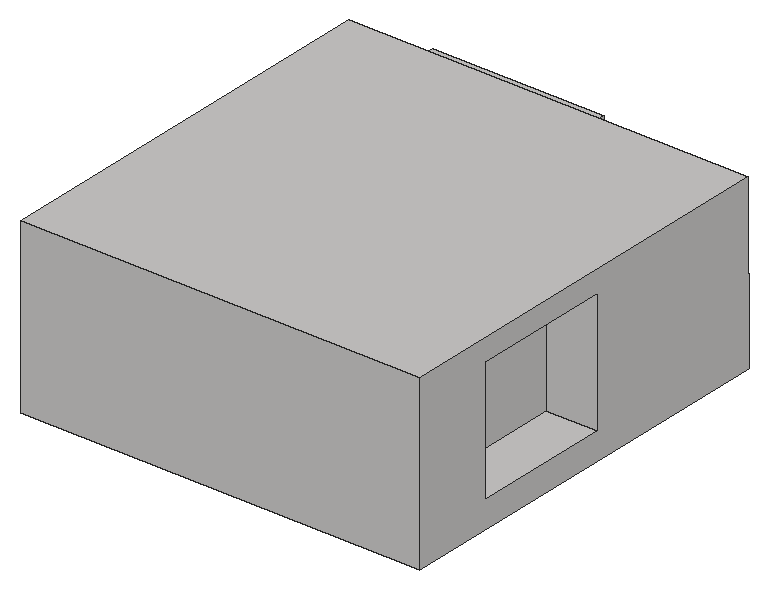
Revit family
Parameters
  Width = 4' - 0 1/8"
  Voltage = 120 V
  Unit Weight = "225.0 lbs"
  UltraLoc Liner = Choose Liner Option = 3  # no
  URL = "http://www.titus-hvac.com/"
  UL = "181"
  Supply Air Flow [instance] = 0 CFM
  SteriLoc Liner = Choose Liner Option = 2  # no
  Primary Air Pressure Drop [instance] = 0.00 in-wg
  Primary Air Flow [instance] = 0 CFM
  Plenum Air Pressure Drop [instance] = 0.00 in-wg
  Plenum Air Flow [instance] = 0 CFM
  Outlet Width = 1' - 4 1/2"
  Outlet Vertical Offset = 0' - 1 1/8"
  Outlet Horizontal Offset = 0' - 1 3/8"
  Outlet Height = 1' - 2 1/2"
  Number of Poles = 1
  Nominal Width = Width + 0' 6 1/4"  # 4' - 6 3/8"
  Nominal Length = Length + 0' 3 3/8"  # 4' - 2 1/4"
  Nominal Inlet Size = 1' - 0"
  Nominal Height = 1' - 8 1/8"
  NFPA = "90A"
  Motor Full Load Amps = 13.4 A
  Model = "DTQS"
  Min. Air Flow = 0 CFM
  Max. Air Flow = 0 CFM
  Material = Galvanized Steel
  Manufacturer = "Titus"
  Length = 3' - 10 7/8"
  Juction Box Offset = 0' - 4 7/8"
  Inlet Diameter = Nominal Inlet Size - 0' 0 1/8"  # 0' - 11 7/8"
  Induced offset = 0' - 1 1/4"
  Induced Air Inlet Offset = 0' - 4 1/2"
  Induced Air Inlet Width = 1' - 9"
  Induced Air Inlet Height = 1' - 5 1/2"
  Induced Air Filter = no
  Heating Total Capacity [instance] = 0 Btu/h
  Half Outlet Connection Width = Outlet Width / 2  # 0' - 8 1/4"
  Half Outlet Connection Height = Outlet Height / 2  # 0' - 7 1/4"
  Half Height Start = -(Nominal Height / 2)  # -0' - 10 1/16"
  Half Height End = Nominal Height / 2  # 0' - 10 1/16"
  HP-Motor = "3/4"
  Frequency = 60 Hz
  Filter Size = "27\"x20\""
  Fiber Free Liner = Choose Liner Option = 1  # no
  Fan Disconnect Switch = no
  Duct Radius = Nominal Inlet Size / 2  # 0' - 6"
  Description = "Series Fan Powered Terminal Unit, Direct Digital Control, Pressure Independent"
  Connection Void Radius = Connection Radius - 0' 0 1/4"  # 0' - 5 11/16"
  Connection Radius = Inlet Diameter / 2  # 0' - 5 15/16"
  Choose Liner Option = 0
  CADworks URL = "www.CADworks.net"
  Assembly Code = "D3040100"
  Apparent Power = Voltage * Motor Full Load Amps  # 1608 VA
  Air Inlet Offset = 0' - 8"
  1/2" Fiberglass Liner = Choose Liner Option = 0  # yes
Reference planes (in)
  plane 1 "Center (Front/Back)": y = 0
  plane 2: z = 0
  plane 3 "Center (Left/Right)": x = 3
  plane 4: x = -20.4375
  plane 5: x = 26.4375
  plane 6: x = -15.5625
  plane 7: x = -23.8125
  plane 8 "Center (Elevation)": z = 0
  plane 9: y = -24.0625
  plane 10: y = 24.0625
  plane 11: y = 16.0625
  plane 12: y = -19.5625
  plane 13: x = 20.4375
  plane 14: y = 30.3125
  plane 15: z = 10.0625
  plane 16: z = -10.0625
Forms (in)
  Extrusion 1, solid, material "Galvanized Steel" <- "Material"
    sketch origin (0, 0, 52) x (1, 0, 0) y (0, 1, 0)
      loop
        line (-20.4375, 24.0625) -> (-20.4375, -24.0625) -> (26.4375, -24.0625) -> (26.4375, 24.0625) -> (-20.4375, 24.0625)
    from -62.0625 <- "Half Height Start" to -41.9375 <- "Half Height End"
  Extrusion 2, solid, material "Galvanized Steel" <- "Material"
    sketch origin (3.0625, 0, -6) x (1, 0, 0) y (0, 1, 0)
      loop
        line (-18.625, 24.0625) -> (1.375, 24.0625) -> (1.375, 30.3125) -> (-18.625, 30.3125) -> (-18.625, 24.0625)
    from 0 to 12
  Extrusion 3, void
    sketch origin (26.4375, 24.0625, 53.125) x (0, 1, 0) y (0, 0, -1)
      loop
        line (-22.125, 45.5625) -> (-22.125, 60.0625) -> (-38.625, 60.0625) -> (-38.625, 45.5625) -> (-22.125, 45.5625)
    from 0 to 6
  Extrusion 4, solid, material "Galvanized Steel" <- "Material"
    sketch origin (-24.875, 0.5625, 0) x (0, 0, -1) y (0, 1, 0)
      loop
        circle (0, 15.5) r 5.9375
    from 1.0625 to 4.4375
  Extrusion 5, void
    sketch origin (-24.875, 0, 0) x (0, 1, 0) y (0, 0, 1)
      loop
        circle (16.0625, 0) r 5.6875
    from 1.0625 to 9.3125
  Extrusion 6, void
    sketch origin (-20.4375, -24.0625, 52) x (0, -1, 0) y (0, 0, -1)
      loop
        line (-25.5, 43.3125) -> (-4.5, 43.3125) -> (-4.5, 60.8125) -> (-25.5, 60.8125) -> (-25.5, 43.3125)
    from 0 to 4.875
Cuts and joins
  Extrusion 3, Extrusion 5, Extrusion 6 cuts Extrusion 1
  Extrusion 5 cuts Extrusion 4
Dimensions and locks (in)
  "Length": plane 5 to plane 4
  equal spacing: plane 5, plane 3 "Center (Left/Right)", plane 4
  locked: Extrusion 2 to plane 6 at 0
  locked: Extrusion 2 to Extrusion 2 at 20
  "Juction Box Offset": plane 6 to plane 4
  "Outlet Height": Extrusion 3 sketch curve to Extrusion 3 sketch curve
  "Outlet Width": Extrusion 3 sketch curve to Extrusion 3 sketch curve
  locked: plane 4 to plane 7 at 3.375
  "Width": plane 9 to plane 10
  equal spacing: plane 9, plane 1 "Center (Front/Back)", plane 10
  locked: Extrusion 4 sketch curve to level at 0
  locked: Extrusion 4 sketch curve to plane 11 at 0
  locked: Extrusion 5 sketch curve to level at 0
  locked: Extrusion 5 sketch curve to plane 11 at 0
  locked: Extrusion 2 to Extrusion 2 at 6.25
  "Air Inlet Offset": plane 10 to plane 11
  locked: Extrusion 2 to plane 10 at 0
  locked: cut or joined group of Extrusion 4, Extrusion 5 to plane 7 at 0
  locked: cut or joined group of Extrusion 4, Extrusion 5 to cut or joined group of Extrusion 4, Extrusion 5 at 3.375
  "Induced Air Inlet Offset": plane 9 to plane 12
  "Induced Air Inlet Width": Extrusion 6 sketch curve to Extrusion 6 sketch curve
  "Induced Air Inlet Height": Extrusion 6 sketch curve to Extrusion 6 sketch curve
  "Induced Air Inlet Offset": Extrusion 6 sketch curve to plane 9
  locked: plane 9 to Extrusion 3 sketch curve at 9.5
  cut or joined group of Extrusion 1, Extrusion 3, Extrusion 5, Extrusion 6 to Extrusion 3 sketch curve = 0' - 3 1/8"
  locked: Extrusion 2 to Extrusion 2 at 12
  equal spacing: Extrusion 2, level, Extrusion 2
  locked: cut or joined group of Extrusion 1, Extrusion 3, Extrusion 5, Extrusion 6 to cut or joined group of Extrusion 1, Extrusion 3, Extrusion 5, Extrusion 6 at 20.125
  equal spacing: cut or joined group of Extrusion 1, Extrusion 3, Extrusion 5, Extrusion 6, level, cut or joined group of Extrusion 1, Extrusion 3, Extrusion 5, Extrusion 6
  "Induced offset": Extrusion 6 sketch curve to cut or joined group of Extrusion 1, Extrusion 3, Extrusion 5, Extrusion 6
  "Connection Radius": radius of Extrusion 4 sketch curve
  "Connection Void Radius": radius of Extrusion 5 sketch curve
  aligned and locked: plane 6 to Extrusion 6
  aligned and locked: Extrusion 3 to plane 13
  aligned and locked: plane 5 to cut or joined group of Extrusion 1, Extrusion 3, Extrusion 5, Extrusion 6
  aligned and locked: cut or joined group of Extrusion 1, Extrusion 3, Extrusion 5, Extrusion 6 to plane 4
  aligned and locked: cut or joined group of Extrusion 1, Extrusion 3, Extrusion 5, Extrusion 6 to plane 10
  aligned and locked: plane 9 to cut or joined group of Extrusion 1, Extrusion 3, Extrusion 5, Extrusion 6
  aligned and locked: Extrusion 1 to Extrusion 6
  aligned and locked: Extrusion 5 to plane 7
  aligned and locked: plane 6 to Extrusion 5
Automatic sketch dimensions
  Extrusion 1 sketch curve to plane 4 = 0' - 0"
  plane 5 to Extrusion 1 sketch curve = 0' - 0"
  Extrusion 1 sketch curve to plane 9 = 0' - 0"
  Extrusion 1 sketch curve to plane 10 = 0' - 0"
  Extrusion 2 sketch curve to plane 6 = 0' - 0"
  Extrusion 2 sketch curve to plane 10 = 0' - 0"
  plane 3 "Center (Left/Right)" to Extrusion 2 sketch curve = 0' - 1 7/16"
  Extrusion 2 sketch curve to plane 10 = 0' - 6 1/4"
Connectors (in)
  electrical at (-5.5625, 30.3125, 0), driven by "Apparent Power", driven by "Voltage", driven by "Number of Poles"
    settings: on Extrusion 2, index 8
  hvac at (-23.8125, 16.0625, 0), driven by "Primary Air Flow", driven by "Duct Radius", driven by "Primary Air Pressure Drop"
    settings: on cut or joined group of Extrusion 4, Extrusion 5, index 9
  hvac at (-20.4375, -9.0625, -0.0625), driven by "Induced Air Inlet Height", driven by "Induced Air Inlet Width", driven by "Plenum Air Pressure Drop", driven by "Plenum Air Flow"
    settings: on cut or joined group of Extrusion 1, Extrusion 3, Extrusion 5, Extrusion 6, index 12
  hvac at (26.4375, -6.3125, 0.3125), driven by "Supply Air Flow", driven by "Outlet Width", driven by "Outlet Height"
    settings: on cut or joined group of Extrusion 1, Extrusion 3, Extrusion 5, Extrusion 6, index 13
